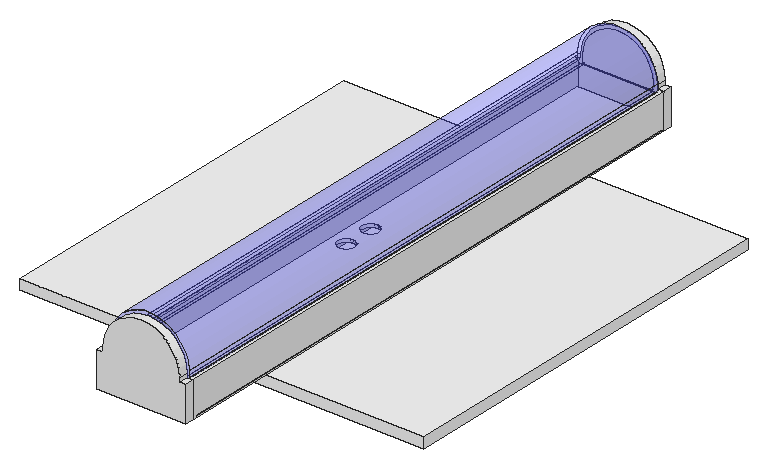
Revit family "BE_67684.1_de_DE", category Leuchten, Revit 2015
Parameters (values of type "BEGA_67684.1_K4")
  built-in parameter 1150104 = 13.35 (stored number, unit not read)
  Wattage = 15.8 W
  Default Elevation = 0 mm
  built-in parameter 1150113 = 1 (stored number, unit not read)
  built-in parameter 1114218 = 1 (stored number, unit not read)
  Umgebungstemperatur = "25 °C"
  URL = "http://www.bega.de/produkt/67684.1"
  Typenkommentare = "© 2017 BEGA. Wir behalten uns das Recht vor, technische Änderungen ohne vorherige Ankündigung vorzunehmen."  # constant formula
  built-in parameter 1150134 = 12
  built-in parameter 1150109 = 1 (stored number, unit not read)
  Strom = ""
  built-in parameter 1150110 = 1 (stored number, unit not read)
  Spannung = 239.996 V
  Sonderanfertigung = no
  Seriennummer [instance] = "Hier können Sie die eindeutige Seriennummer für das Facility Management eintragen."
  Schutzklasse = "I"
  Schutzart = "IP 44"
  Scheinlast = 0 VA
  Produktdatenblatt = "http://www.bega.de/download/Xrfa/db/67684.1.db.de.pdf"
  Oberflächentemperatur = ""
  Neigungswinkel = 0.00°
  Modell = "67684.1K4"
  Material_17 = BEGA_Reflektor
  Material_15 = BEGA_Leuchtmedium_matt
  Material_11 = BEGA_Glas_opal
  Material_09 = BEGA_Glas_klar
  Material_06 = BEGA_Oberfläche_Edelstahl_gebürstet
  Material_05 = BEGA_Oberfläche_Aluminium Guss
  Material_03 = BEGA_Oberfläche_Weiss_matt
  Material_02 = BEGA_Oberfläche_Silber_matt
  Material_01 [instance] = BEGA_Oberfläche_Grafit_matt
  M_W = no
  M_G = no
  M_A = no
  Logo = 0
  built-in parameter 1114217 = 1 (stored number, unit not read)
  built-in parameter 1150139 = (empty or 0)
  built-in parameter 1150105 = 180.68 (stored number, unit not read)
  built-in parameter 1150114 = 1 (stored number, unit not read)
  Lumens = 2270.46 lm
  built-in parameter 1150115 = 1 (stored number, unit not read)
  Leuchtenlichtstrom = "1475 lm"
  Leuchtenanzahl = ""
  Lebensdauerkriterien = "L70B50 @ 25 °C = 100000 h"
  Lastklassifizierung = Beleuchtung
  built-in parameter 1150112 = 1 (stored number, unit not read)
  Lampenlichtstrom = "2270 lm"
  Lampe = "LED 15.8 W"
  LED_Modulbezeichnung = "2x LED-0546/840  2x LED-0551/840"
  Hersteller = "BEGA"  # constant formula
  Halbstreuwinkel = ""
  Gewicht = "2.8 kg"
  Gebrauchslageneinschränkung [instance] = ""
  Frequenz = "0/50-60 Hz"
  Farbwiedergabeindex = "Ra > 80"
  Farbtemperaturverschiebung bei Dämpfen der Lampe = <Keine Auswahl>
  Farbtemperatur = "4000 K"
  Color Filter = 16777215
  built-in parameter 1150133 = 10 (stored number, unit not read)
  Energieeffizienzklasse = "LED A++ - A"
  built-in parameter 1150137 = (empty or 0)
  built-in parameter 1150132 = (empty or 0)
  ENEC = ""
  Dimmbar [instance] = ""
  Datei für fotometrisches Netz = "BE_67684K4.IES"
  CE_Konformität = "ja"
  Bestellnummer = "67684.1K4"
  Beschreibung_Sonderanfertigung = "Hier können Sie Informationen zur Sonderanfertigung eintragen."
  Beschreibung = "Wandleuchte"
  built-in parameter 1150106 = 1.8068 (stored number, unit not read)
  Befestigungsbohrung = "Ø 5,5 mm"
  Befestigungsabstand = "540 x 56 mm"
  Ballwurfsicher = ""
  BEGA_Intern_aus = yes
  BEGA_Intern_an = yes
  BEGA_Intern_Konstruktion = yes
  BEGA_Intern = yes
  BEGA_IES = yes
  BEGA_Dummy = no
  Anschlussleitung = ""
  Anschlussleistung [instance] = "20.3 W"
  Anschlusskasten = ""
  built-in parameter 1150107 = 4000 (stored number, unit not read)
  built-in parameter 1150102 = (empty or 0)
  built-in parameter 1150138 = (empty or 0)
  Aktualisierung = "2017-09-29T04:10:01"
  Abstand_zur_angestrahlten_Fläche [instance] = ""
  AC/DC = "AC/DC"
Types (2, lengths in mm): name | built-in parameter 1150104 | built-in parameter 1150134 | Modell | built-in parameter 1150105 | Lumens | Leuchtenlichtstrom | Lampenlichtstrom | LED_Modulbezeichnung | Farbtemperatur | Datei für fotometrisches Netz | Bestellnummer | built-in parameter 1150106 | built-in parameter 1150107
  BEGA_67684.1_K4 | 13.35 (stored number, unit not read) | 12 | "67684.1K4" | 180.68 (stored number, unit not read) | 2270.46 lm | "1475 lm" | "2270 lm" | "2x LED-0546/840  2x LED-0551/840" | "4000 K" | "BE_67684K4.IES" | "67684.1K4" | 1.8068 (stored number, unit not read) | 4000 (stored number, unit not read)
  BEGA_67684.1_K3 | 12.523 (stored number, unit not read) | (empty or 0) | "67684.1" | 169.49 (stored number, unit not read) | 2129.84 lm | "1375 lm" | "2130 lm" | "2x LED-0546/830  2x LED-0551/830" | "3000 K" | "BE_67684.IES" | "67684.1" | 1.6949 (stored number, unit not read) | 3000 (stored number, unit not read)
Reference planes
  plane 1 "Mitte (Vorne/Hinten)": y = 0
  plane 2: z = 0
  plane 3 "Mitte (Links/Rechts)": x = 0
  plane 4 "Links": x = -44
  plane 5 "Rechts": x = 44
  plane 6 "Unten": y = -300.1
  plane 7 "Oben": y = 300.1
  plane 8 "Vorne": z = 79.5
  plane 9 "Hinten": z = 0
Forms (mm)
  Extrusion 1, solid, material "BEGA_Platte_Weiss"
    sketch origin (0, -1119.2, 0) x (1, 0, 0) y (0, 1, 0)
      loop
        line (-200, 1319.2) -> (-200, 919.2) -> (200, 919.2) -> (200, 1319.2) -> (-200, 1319.2)
    from 0 to -10
  Extrusion 2, solid, material "BEGA_Dummy_matt", visible <- "BEGA_Dummy"
    sketch origin (80.095, -76.023, 0) x (1, 0, 0) y (0, 1, 0)
      loop
        line (-124.095, 376.123) -> (-124.095, -224.077) -> (-36.095, -224.077) -> (-36.095, 376.123) -> (-124.095, 376.123)
    from 0 to 79.5
Dimensions and locks
  plane 1 "Mitte (Vorne/Hinten)" to Extrusion 1 = 200 mm
  aligned and locked: plane 2 to Extrusion 1
  aligned and locked: level to Extrusion 1
Nested families
  nested 1: "BE_67684.1" at (0, 0, 0) x (0, 1, 0) z (0, 0, 1), type "BE_67684.1"
Connectors
  electrical at (0, 0, 0), driven by "Lastklassifizierung", driven by "Spannung", driven by "Scheinlast"
    settings: index 1, voltage 239.996 V, apparent load 0 VA, apparent load phase1 0 VA, apparent load phase2 0 VA, apparent load phase3 0 VA, power factor 1, load classification "Beleuchtung", number of poles 1, system type 31, power factor state 1, is connector primary yes, connector utility no, sub classification motor no, connector description ""
Definition of nested family "BE_67684.1"
  Parameters (values of type "BE_67684.1")
    Default Elevation = 1 mm
    URL = "http://www.bega.de/de/produkt"
    Type Comments = "© 2015 BEGA. Wir behalten uns das Recht vor, technische Änderungen ohne vorherige Ankündigung vorzunehmen. "  # constant formula
    Type Image = (empty or 0)
    Neigungswinkel_um_Z2 = 0.00°
    Neigungswinkel_um_Z1 = 0.00°
    Neigungswinkel_um_Y2 = 0.00°
    Neigungswinkel_um_Y1 = 0.00°
    Neigungswinkel_um_X2 = 0.00°
    Neigungswinkel_um_X1 = 0.00°
    Material_17 = none
    Material_15 = none
    Material_11 = none
    Material_09 = none
    Material_06 = none
    Material_05 = none
    Material_03 = none
    Material_02 = none
    Material_01 = none
    M_W = yes
    M_G = yes
    M_A = yes
    Länge_Platte = 800 mm  # constant formula
    Höhe_Platte = -10 mm  # constant formula
    Manufacturer = "BEGA"  # constant formula
    Drehwinkel_um_Z2 = 0.00°
    Drehwinkel_um_Z1 = 0.00°
    Breite_Platte = 200 mm  # constant formula
  Reference planes
    plane 1 "Mitte (Oben/Unten)": y = 0
    plane 2: z = 0
    plane 3 "Mitte (Links/Rechts)": x = 0
    plane 4: z = 79.5
    plane 5: y = 44
    plane 6: y = -44
    plane 7: x = -300.1
    plane 8: x = 300.1
  Forms (mm)
    Extrusion 1, solid, detail levels medium
      sketch origin (0, 0, 0) x (1, 0, 0) y (0, 1, 0)
        loop
          line (-400, 100) -> (-400, -100) -> (400, -100) -> (400, 100) -> (-400, 100)
      from 0 to -10 <- "Höhe_Platte"
    Extrusion 2, solid, material <- "Material_03", detail levels medium+fine
      sketch origin (0, 0, 0) x (0, 1, 0) y (0, 0, 1)
        loop
          line (44, 36) -> (40.5, 36) -> (40.5, 33.852) -> (41.2, 33.5) -> (41.2, 10.8) -> (-21, 10.8) -> (-21, 4.883) -> (-21.995, 3.8) -> (-41.2, 3.8) -> (-41.2, 33.5) -> (-40.5, 33.852) -> (-40.5, 36) -> (-44, 36) -> (-44, 0.988)
          arc (-44, 0.988) -> (-42.633, 0.79) -> (-41.5, 0) r 3
          line (-41.5, 0) -> (-38.5, 0) -> (-38.5, 1) -> (-20.84, 1) -> (-18.559, 3.282) -> (-18.559, 8) -> (41.2, 8) -> (41.2, 3.8) -> (38.5, 3.8) -> (38.5, 0) -> (41.5, 0)
          arc (41.5, 0) -> (42.633, 0.79) -> (44, 0.988) r 3
          line (44, 0.988) -> (44, 36)
      from -291.1 to 291.1
    Extrusion 3, void
      sketch origin (0, 0, 0) x (1, 0, 0) y (0, 1, 0)
        loop
          circle (-15, 25) r 8.5
        loop
          circle (15, 25) r 8.5
        loop
          circle (-270, 28) r 2.75
        loop
          circle (270, -28) r 2.75
      from 0 to 13
    Extrusion 4, solid, material <- "Material_03", detail levels medium+fine
      sketch origin (0, 0, 0) x (0, 1, 0) y (0, 0, 1)
        loop
          line (-38, 39.479) -> (-38.075, 36) -> (-44, 36) -> (-44, 0.988) -> (44, 0.988) -> (44, 36) -> (38.075, 36) -> (38, 39.479)
          arc (38, 39.479) -> (0, 77.5) -> (-38, 39.479) r 38
      from -300.1 to -291.1
    Extrusion 5, solid, material <- "Material_03", detail levels medium+fine
      sketch origin (0, 0, 0) x (0, 1, 0) y (0, 0, -1)
        loop
          arc (-38, -39.479) -> (0, -77.5) -> (38, -39.479) r 38
          line (38, -39.479) -> (38.075, -36) -> (44, -36) -> (44, -0.988) -> (-44, -0.988) -> (-44, -36) -> (-38.075, -36) -> (-38, -39.479)
      from -300.1 to -291.1
    Extrusion 6, solid, material <- "Material_11", detail levels medium+fine
      sketch origin (0, 0, 0) x (0, 1, 0) y (0, 0, 1)
        loop
          line (40.078, 35.902) -> (39.917, 42.08)
          arc (39.917, 42.08) -> (0, 79.5) -> (-39.917, 42.08) r 40
          line (-39.917, 42.08) -> (-40.078, 35.902)
          arc (-40.078, 35.902) -> (-39.303, 33.81) -> (-37.297, 32.831) r 3
          line (-37.297, 32.831) -> (-34.021, 32.602) -> (34.021, 32.602) -> (37.297, 32.831)
          arc (37.297, 32.831) -> (39.303, 33.81) -> (40.078, 35.902) r 3
      from -289.75 to 289.7
    Extrusion 7, solid, material <- "Material_11", detail levels medium+fine
      sketch origin (0, 0, 0) x (0, 1, 0) y (0, 0, 1)
        loop
          arc (34.489, 33.543) -> (0, 74.5) -> (-34.489, 33.543) r 35
          line (-34.489, 33.543) -> (34.489, 33.543)
      from 288.75 to 294.1
    Extrusion 8, solid, material <- "Material_11", detail levels medium+fine
      sketch origin (0, 0, 0) x (0, 1, 0) y (0, 0, -1)
        loop
          line (34.489, -33.543) -> (-34.489, -33.543)
          arc (-34.489, -33.543) -> (0, -74.5) -> (34.489, -33.543) r 35
      from 288.75 to 293.969
    Revolve 9, void
      sketch origin (0, 0, 0) x (1, 0, 0) y (0, 0, 1)
        loop
          line (300.321, 23.58) -> (296.61, 19.869) -> (296.61, 18) -> (300.321, 18) -> (300.321, 23.58)
        axis (296.61, 18) -> (300.321, 18)
      angle from 0 to 360
    Revolve 10, solid, material <- "Material_06", detail levels fine
      sketch origin (0, 0, 0) x (1, 0, 0) y (0, 0, 1)
        loop
          arc (300.777, 18) -> (300.479, 20.423) -> (299.602, 22.702) r 10
          line (299.602, 22.702) -> (297.5, 20.6) -> (297.5, 18) -> (300.777, 18)
        axis (297.5, 18) -> (300.777, 18)
      angle from 0 to 360
  Cuts and joins
    Extrusion 3 cuts Extrusion 2
    joined: Extrusion 6, Extrusion 7, Extrusion 8
    Revolve 9 cuts Extrusion 4
    Revolve 9 cuts Extrusion 5
    joined: Extrusion 4, Extrusion 5
  Dimensions and locks
    equal spacing: Extrusion 1 sketch curve, plane 3 "Mitte (Links/Rechts)", Extrusion 1 sketch curve
    equal spacing: Extrusion 1 sketch curve, plane 1 "Mitte (Oben/Unten)", Extrusion 1 sketch curve
    "Länge_Platte": Extrusion 1 sketch curve to Extrusion 1 sketch curve
    "Breite_Platte": Extrusion 1 sketch curve to Extrusion 1 sketch curve
    aligned and locked: Extrusion 1 to plane 2
    aligned and locked: level to Extrusion 1
  Automatic sketch dimensions
    Extrusion 2 sketch curve to level = 0 mm  (x2)
    plane 1 "Mitte (Oben/Unten)" to Extrusion 2 sketch curve = 44 mm
    Extrusion 2 sketch curve to Extrusion 2 sketch curve = 0.264 mm
    Extrusion 2 sketch curve to Extrusion 2 sketch curve = 2.5 mm  (x3)
    Extrusion 2 sketch curve to Extrusion 2 sketch curve = 0.3 mm
    Extrusion 2 sketch curve to Extrusion 2 sketch curve = 0.7 mm
    level to Extrusion 2 sketch curve = 1 mm
    Extrusion 2 sketch curve to Extrusion 2 sketch curve = 3 mm  (x2)
    level to Extrusion 2 sketch curve = 3.8 mm  (x2)
    Extrusion 2 sketch curve to Extrusion 2 sketch curve = 16.505 mm
    Extrusion 2 sketch curve to Extrusion 2 sketch curve = 0.995 mm
    Extrusion 2 sketch curve to Extrusion 2 sketch curve = 1.155 mm
    Extrusion 2 sketch curve to Extrusion 2 sketch curve = 2.441 mm
    Extrusion 2 sketch curve to plane 1 "Mitte (Oben/Unten)" = 38.5 mm
    Extrusion 2 sketch curve to Extrusion 2 sketch curve = 2 mm
    Extrusion 2 sketch curve to Extrusion 2 sketch curve = 2.7 mm  (x2)
    Extrusion 2 sketch curve to Extrusion 2 sketch curve = 2.236 mm
    Extrusion 2 sketch curve to level = 2 mm  (x2)
    Extrusion 2 sketch curve to Extrusion 2 sketch curve = 2.282 mm
    Extrusion 2 sketch curve to Extrusion 2 sketch curve = 1.083 mm
    Extrusion 2 sketch curve to Extrusion 2 sketch curve = 4.2 mm
    Extrusion 2 sketch curve to Extrusion 2 sketch curve = 2.8 mm
    Extrusion 2 sketch curve to Extrusion 2 sketch curve = 29.7 mm
    Extrusion 2 sketch curve to Extrusion 2 sketch curve = 22.7 mm
    Extrusion 2 sketch curve to Extrusion 2 sketch curve = 0.352 mm  (x2)
    Extrusion 2 sketch curve to Extrusion 2 sketch curve = 2.148 mm
    Extrusion 3 sketch curve to plane 3 "Mitte (Links/Rechts)" = 15 mm
    plane 3 "Mitte (Links/Rechts)" to Extrusion 3 sketch curve = 15 mm
    plane 1 "Mitte (Oben/Unten)" to Extrusion 3 sketch curve = 28 mm
    Extrusion 3 sketch curve to plane 1 "Mitte (Oben/Unten)" = 25 mm  (x2)
    Extrusion 3 sketch curve to plane 1 "Mitte (Oben/Unten)" = 28 mm
    Extrusion 4 sketch curve to plane 1 "Mitte (Oben/Unten)" = 0 mm
    plane 1 "Mitte (Oben/Unten)" to Extrusion 4 sketch curve = 38 mm
    Extrusion 4 sketch curve to Extrusion 4 sketch curve = 0.075 mm  (x2)
    level to Extrusion 4 sketch curve = 0.988 mm
    Extrusion 4 sketch curve to Extrusion 4 sketch curve = 5.925 mm  (x2)
    Extrusion 4 sketch curve to plane 1 "Mitte (Oben/Unten)" = 38 mm
    Extrusion 4 sketch curve to Extrusion 4 sketch curve = 35.012 mm  (x2)
    Extrusion 4 sketch curve to Extrusion 4 sketch curve = 3.479 mm
    Extrusion 4 sketch curve to Extrusion 4 sketch curve = 0.021 mm
    Extrusion 5 sketch curve to plane 1 "Mitte (Oben/Unten)" = 0 mm
    plane 1 "Mitte (Oben/Unten)" to Extrusion 5 sketch curve = 38 mm
    Extrusion 5 sketch curve to Extrusion 5 sketch curve = 0.075 mm  (x2)
    level to Extrusion 5 sketch curve = 0.988 mm
    Extrusion 5 sketch curve to Extrusion 5 sketch curve = 5.925 mm  (x2)
    Extrusion 5 sketch curve to plane 1 "Mitte (Oben/Unten)" = 38 mm
    Extrusion 5 sketch curve to Extrusion 5 sketch curve = 35.012 mm  (x2)
    Extrusion 5 sketch curve to Extrusion 5 sketch curve = 3.479 mm
    Extrusion 5 sketch curve to Extrusion 5 sketch curve = 0.021 mm
    Extrusion 6 sketch curve to plane 1 "Mitte (Oben/Unten)" = 0 mm
    plane 1 "Mitte (Oben/Unten)" to Extrusion 6 sketch curve = 34.021 mm
    Extrusion 6 sketch curve to Extrusion 6 sketch curve = 3.058 mm  (x2)
    Extrusion 6 sketch curve to Extrusion 6 sketch curve = 0.219 mm  (x2)
    Extrusion 6 sketch curve to Extrusion 6 sketch curve = 2.999 mm  (x2)
    Extrusion 6 sketch curve to plane 1 "Mitte (Oben/Unten)" = 34.021 mm
    Extrusion 6 sketch curve to Extrusion 6 sketch curve = 2.838 mm
    level to Extrusion 6 sketch curve = 32.602 mm
    Extrusion 6 sketch curve to Extrusion 6 sketch curve = 0.229 mm  (x2)
    Extrusion 6 sketch curve to Extrusion 6 sketch curve = 2.992 mm  (x2)
    Extrusion 6 sketch curve to Extrusion 6 sketch curve = 6.898 mm
    Extrusion 6 sketch curve to Extrusion 6 sketch curve = 6.179 mm
    Extrusion 6 sketch curve to Extrusion 6 sketch curve = 0.161 mm
    Extrusion 6 sketch curve to Extrusion 6 sketch curve = 0 mm
    Extrusion 7 sketch curve to plane 1 "Mitte (Oben/Unten)" = 0 mm
    plane 1 "Mitte (Oben/Unten)" to Extrusion 7 sketch curve = 34.489 mm
    level to Extrusion 7 sketch curve = 33.543 mm
    Extrusion 7 sketch curve to Extrusion 7 sketch curve = 5.957 mm
    Extrusion 8 sketch curve to plane 1 "Mitte (Oben/Unten)" = 0 mm
    plane 1 "Mitte (Oben/Unten)" to Extrusion 8 sketch curve = 34.489 mm
    level to Extrusion 8 sketch curve = 39.5 mm
    level to Extrusion 8 sketch curve = 33.543 mm
    level to Revolve 10 sketch curve = 18 mm
    Revolve 10 sketch curve to Revolve 10 sketch curve = 6.723 mm
    level to Revolve 10 sketch curve = 22.702 mm
    Revolve 10 sketch curve to Revolve 10 sketch curve = 2.102 mm
    Revolve 10 sketch curve to Revolve 10 sketch curve = 2.6 mm
    Revolve 10 sketch curve to Revolve 10 sketch curve = 0 mm  (x3)
    Extrusion 3 sketch curve to Extrusion 3 sketch curve = 255 mm  (x2)
    plane 3 "Mitte (Links/Rechts)" to Revolve 10 sketch curve = 290.777 mm
    level to Revolve 9 sketch curve = 19.869 mm
    Revolve 9 sketch curve to Revolve 9 sketch curve = 3.711 mm  (x2)
    Revolve 9 sketch curve to Revolve 9 sketch curve = 1.869 mm
    Revolve 9 sketch curve to Revolve 9 sketch curve = 0 mm  (x2)
    Revolve 9 sketch curve to Revolve 9 sketch curve = 0.281 mm
    plane 3 "Mitte (Links/Rechts)" to Revolve 9 sketch curve = 296.61 mm
    radius of Extrusion 3 sketch curve = 8.5 mm  (x2)
    radius of Extrusion 3 sketch curve = 2.75 mm  (x2)
